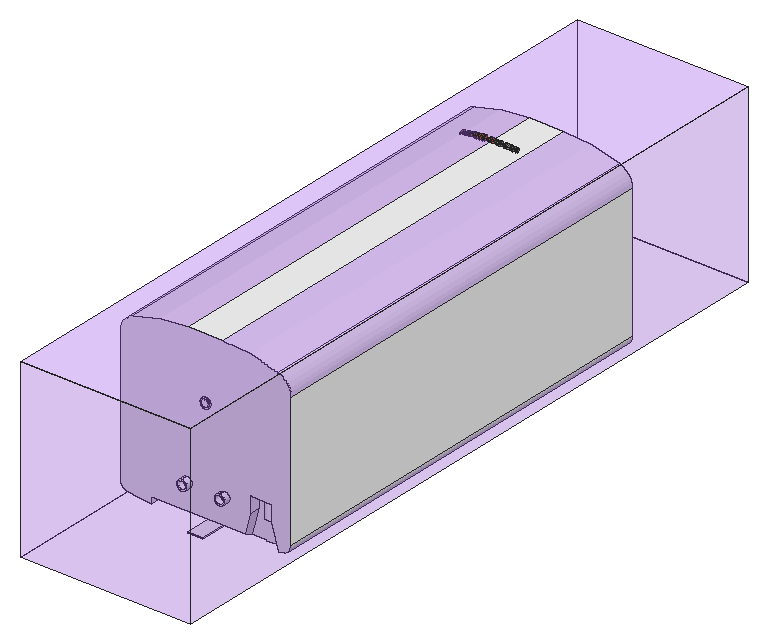
Revit family "Heatrae Sadia Multipoint Eco 80L & 100L V 3kW", category Mechanical Equipment, host Face, Revit 2017
Family settings
  Host = Face
  Round Connector Dimension = Use Diameter
  Part Type = Normal
  OmniClass Number = 23.65.35.11.11
  OmniClass Title = Storage Water Heaters
  Cut with Voids When Loaded = No
  Shared = No
  Room Calculation Point = No
Parameters (values of type "Multipoint Eco 100L V 3kW")
  Weight = "30"
  WaterStorageCapacity = "100 L"
  WaterInletTemperatureRange = "n/a"
  WarrantyStartDate [instance] = "1900-12-31T23:59:59"
  WarrantyGuarantorParts = "customer.support@heatraesadia.com"
  WarrantyGuarantorLabor = "n/a"
  WarrantyDurationUnit = "year"
  WarrantyDurationParts = "2"
  WarrantyDurationLabor = "n/a"
  WarrantyDescription = "n/a"
  Version = "2"  # constant formula
  Uniclass2015Version = "Products v1.7"
  Uniclass2015Title = "Electric storage water heaters"
  Uniclass2015Code = "Pr_60_60_96_28"
  ThirdPartyCertification = "NEMKO, Kiwa, CE"
  TagNumber [instance] = "n/a"
  SustainabilityPerformance = "n/a"
  Standards = "EN55014-1:2017, EN55014-2:2015, EN60335-1:2012;A11:2014;A13:2017, EN60335-2-21:2003+A1:2005+A2:2008, EN61000-3-2:2014 & EN61000-3-3:2013, EN62233:2008, EN50440, EN60379"
  Size = "453 x 454 x 1134 mm"
  Shape = "n/a"
  SerialNumber [instance] = "n/a"
  Revision = "n/a"
  ReplacementCost = "n/a"
  Rating = "3 kW"
  RHSClearanceZone = 0 mm
  ProductInformation = "https://www.heatraesadia.com/products/cylinders-and-hot-water/electric-unvented-storage/multipoint"
  PressureRating = "600 kPa"
  PartialLoadEfficiencyCurves = "n/a"
  OutletTemperatureRange = "10°C to 70°C"
  OperatingMode = "n/a"
  NominalWidth = 453 mm
  NominalPartLoadRatio = 0 mm
  NominalLength = 466 mm
  NominalHeight = 1253 mm
  NominalEnergyConsumption = 6.2 mm
  NominalEfficiency = 38
  Name = "StorageWaterHeaters, Multipoint Eco 100L V 3kW"
  NBSTypeID = "n/a"
  NBSReference = "n/a"
  NBSOfficeMasterTag = "n/a"
  NBSNote = "n/a"
  NBSDescription = "Storage water heaters, electric"
  NBSCertification = "www.nationalbimlibrary.com/cert/zja530o3"
  ModelReference = "Multipoint Eco 100L V 3kW"
  ModelNumber = "n/a"
  ManufacturerURL = "www.heatraesadia.com"
  ManufacturerName = "Heatrae Sadia Heating"  # constant formula
  Manufacturer = "specifier@heatraesadia.com"
  Length = NominalLength - 12 mm  # 454 mm
  TemperatureAndPressureReliefValveConnectionDiameter = 15 mm  # constant formula
  SupportPosition = 94 mm
  WaterConnectionPosition = 83 mm
  PressureReliefValvePosition2 = 185.5 mm
  PressureReliefValvePosition1 = 178.5 mm
  OffsetFromWall = 12 mm  # constant formula
  Material = NBS_Concept
  LHSClearanceZone = 0 mm
  IsWaterStorageHeater = yes
  InstallationDate [instance] = "1900-12-31T23:59:59"
  IfcExportType = "USERDEFINED"  # constant formula
  IfcExportAs = "IfcBoilerType"  # constant formula
  Height = NominalHeight - 119 mm  # 1134 mm
  HotWaterOutletDiameter = 22 mm  # constant formula
  Width = NominalWidth  # 453 mm
  HeatTransferSurfaceArea = "n/a"
  HeatOutput = 0
  HasTemperatureAndPressureReliefValve = yes
  HasSwitch = yes
  Grade = "n/a"
  FrontClearanceZone = 0 mm
  FlowRate = "20 l/min (minimum)"
  Finish = "n/a"
  Features = "n/a"
  ExpectedLife = "n/a"
  DurationUnit = "year"
  Description = "n/a"
  Default Elevation = 1200 mm
  Controls = "Smart Thermostatic Control"
  Constituents = "n/a"
  Color = "n/a"
  ColdWaterInletDiameter = 22 mm  # constant formula
  CodePerformance = "n/a"
  ClearanceZoneMaterial = NBS_ClearanceZone
  ClearanceZone [instance] = yes
  Category = "Pr_60_60_96_28:Electric storage water heaters"
  CasingFinish = "White Enameled Steel"
  Capacity = "100 L"
  BelowClearanceZone = 300 mm
  BarCode [instance] = "n/a"
  BIMObjectName = "Heatrae Sadia Multipoint Eco 100V"
  Author = "NBS"  # constant formula
  AssetType = "Fixed"
  AssetIdentifier [instance] = "n/a"
  Arrangement = "n/a"
  Accessories = "n/a"
  AccessibilityPerformance = "n/a"
  AboveClearanceZone = 300 mm
Types (3, lengths in mm): name | Weight | WaterStorageCapacity | Size | RHSClearanceZone | NominalWidth | NominalLength | NominalHeight | NominalEnergyConsumption | NominalEfficiency | Name | ModelReference | Length | LHSClearanceZone | Height | Width | FrontClearanceZone | CasingFinish | Capacity | BIMObjectName
  (no name) | "30" | "100 L" | "453 x 454 x 1134 mm" | 0 | 453 | 466 | 1253 | 6.2 | 38 | "StorageWaterHeaters, Multipoint Eco 100L V 3kW" | "Multipoint Eco 100L V 3kW" | 454 | 0 | 1134 | 453 | 0 | "White Enameled Steel" | "100 L" | "Heatrae Sadia Multipoint Eco 100V"
  Multipoint Eco 80L V 3kW | "26" | "80 L" | "453 x 454 x 966 mm" | 300 | 454 | 465 | 1085 | 6.4 | 39.9 | "StorageWaterHeaters,Multipoint Eco 80L V 3kW" | "Multipoint Eco 80L V 3kW" | 453 | 300 | 966 | 454 | 300 | "n/a" | "80 L" | "Heatrae Sadia Multipoint Eco 80V"
  Multipoint Eco 100L V 3kW | "30" | "100 L" | "453 x 454 x 1134 mm" | 0 | 453 | 466 | 1253 | 6.2 | 38 | "StorageWaterHeaters, Multipoint Eco 100L V 3kW" | "Multipoint Eco 100L V 3kW" | 454 | 0 | 1134 | 453 | 0 | "White Enameled Steel" | "100 L" | "Heatrae Sadia Multipoint Eco 100V"
Reference planes
  plane 1 "Center (Front/Back)": y = 0
  plane 2: z = 0
  plane 3 "Center (Left/Right)": x = 0
  plane 4: z = 12.011
  plane 5: z = 466.011
  plane 6: x = -226.5
  plane 7: x = 226.5
  plane 8: y = 567
  plane 9: y = -567
  plane 10: x = -143.5
  plane 11: x = 143.5
  plane 12: x = 148.5
  plane 13: z = 380.011
  plane 14: z = 302.011
  plane 15: z = 95.011
  plane 16: x = -50
  plane 17: x = 50
  plane 18: z = 122.011
  plane 19: z = 80.011
  plane 20: z = 190.511
  plane 21 "Connection": x = -41
  plane 22: y = -542
  plane 23: y = -583
  plane 24: y = 653
  plane 25: z = 169.511
  plane 26: z = 154.511
  plane 27: y = -600
  plane 28 "Above Clearance": y = 953
  plane 29 "LHS Clearance": x = -226.5
  plane 30 "RHS Clearance": x = 226.5
  plane 31 "Below Clearance": y = -900
  plane 32 "Front Clearance": z = 466.011
Forms (mm)
  Extrusion 1, solid, material "NBS_Concept" <- "Material", detail levels fine
    sketch origin (0, 0, 0) x (0, 1, 0) y (0, 0, 1)
      loop
        line (-509, 0) -> (-498.989, 10.011) -> (-414, 10.011) -> (-414, 12.011) -> (-499.818, 12.011) -> (-509.828, 1.989) -> (-600, 1.989) -> (-600, 0) -> (-509, 0)
    from -20 to 20
  Extrusion 2, solid, material "NBS_Concept" <- "Material", detail levels coarse
    sketch origin (492.727, 99.5, 0) x (0, 0, 1) y (-1, 0, 0)
      loop
        line (0, 266.227) -> (428.224, 266.227)
        arc (428.224, 266.227) -> (456.463, 354.52) -> (466.011, 446.727) r 450
        line (466.011, 446.727) -> (466.011, 538.727)
        arc (466.011, 538.727) -> (456.463, 630.933) -> (428.224, 719.227) r 450
        line (428.224, 719.227) -> (0, 719.227) -> (0, 266.227)
    from -467.5 to 666.5
  Extrusion 3, solid, material "NBS_Concept" <- "Material", detail levels medium+fine
    sketch origin (1074.281, 99.5, -512.483) x (0, 0, 1) y (-1, 0, 0)
      loop
        line (524.493, 1217.781) -> (524.493, 930.781)
        arc (524.493, 930.781) -> (526.226, 897.807) -> (531.405, 865.196) r 314.643
        arc (531.405, 865.196) -> (539.081, 852.68) -> (552.921, 847.781) r 22
        line (552.921, 847.781) -> (906.607, 847.781)
        arc (906.607, 847.781) -> (935.627, 857.065) -> (953.871, 881.469) r 50
        arc (953.871, 881.469) -> (972.295, 953.85) -> (978.493, 1028.281) r 450
        line (978.493, 1028.281) -> (978.493, 1120.281)
        arc (978.493, 1120.281) -> (972.295, 1194.713) -> (953.871, 1267.094) r 450
        arc (953.871, 1267.094) -> (935.627, 1291.498) -> (906.607, 1300.781) r 50
        line (906.607, 1300.781) -> (552.921, 1300.781)
        arc (552.921, 1300.781) -> (539.081, 1295.882) -> (531.405, 1283.367) r 22
        arc (531.405, 1283.367) -> (526.226, 1250.756) -> (524.493, 1217.781) r 314.643
    from -467.5 to 666.5
  Extrusion 4, void
    sketch origin (0, 99.5, 0) x (0, 0, 1) y (-1, 0, 0)
      loop
        line (122.011, -120) -> (80.011, -120) -> (12.011, -101.779) -> (12.011, -195.221) -> (80.011, -177) -> (122.011, -177) -> (122.011, -120)
    from 641.5 to 666.5
  Extrusion 5, solid, material "NBS_Concept" <- "Material", detail levels fine
    sketch origin (526.478, 99.5, -134.486) x (0, 0, 1) y (-1, 0, 0)
      loop
        circle (436.497, 526.478) r 13
      loop
        circle (436.497, 526.478) r 11
      loop
        circle (436.497, 526.478) r 9
    from 666.5 to 668.5
  Extrusion 6, solid, material "NBS_Concept" <- "Material", detail levels fine
    sketch origin (256.996, 99.5, -154.81) x (0, 0, 1) y (-1, 0, 0)
      loop
        circle (249.82, 306.996) r 13.5
      loop
        circle (249.82, 206.996) r 13.5
      loop
        circle (249.82, 306.996) r 11
      loop
        circle (249.82, 206.996) r 11
    from 666.5 to 682.5
  Extrusion 7, void
    sketch origin (0, 0, 0) x (0, 1, 0) y (0, 0, 1)
      loop
        line (567, 0) -> (567, 27.011) -> (538, 12.011) -> (512, 12.011) -> (512, 14.011) -> (-512, 14.011) -> (-512, 12.011) -> (-538, 12.011) -> (-567, 27.011) -> (-567, 0) -> (567, 0)
    from -143.5 to 143.5
  Extrusion 8, solid, material "NBS_Concept" <- "Material", detail levels medium+fine
    sketch origin (0, 0, 0) x (1, 0, 0) y (0, 1, 0)
      loop
        circle (162.5, -554.5) r 12.5
    from 80.011 to 122.011
  Extrusion 9, solid, material "NBS_Concept" <- "Material", detail levels medium
    sketch origin (0, 99.5, 0) x (0, 0, 1) y (-1, 0, 0)
      loop
        circle (95.011, 50) r 13.5
      loop
        circle (95.011, -50) r 13.5
    from 666.5 to 682.5
  Revolve 10, solid, material "NBS_Concept" <- "Material", visible <- "HasTemperatureAndPressureReliefValve", detail levels fine
    sketch origin (-41, 0, 0) x (0, 0, 1) y (0, -1, 0)
      loop
        line (190.511, -567) -> (190.511, -653) -> (204.011, -653) -> (204.011, -630) -> (205.261, -630) -> (205.261, -621) -> (206.511, -621) -> (206.511, -609) -> (204.511, -609) -> (204.511, -580) -> (203.511, -580) -> (203.511, -567) -> (190.511, -567)
      axis (190.511, -567) -> (190.511, -653)
    angle from 0 to 360
  Revolve 11, solid, material "NBS_Concept" <- "Material", visible <- "HasTemperatureAndPressureReliefValve", detail levels medium
    sketch origin (-41, 0, 0) x (0, 0, 1) y (0, -1, 0)
      loop
        line (190.511, -567) -> (190.511, -653) -> (204.011, -653) -> (204.011, -630) -> (206.511, -630) -> (206.511, -609) -> (204.511, -609) -> (204.511, -567) -> (190.511, -567)
      axis (190.511, -567) -> (190.511, -653)
    angle from 0 to 360
  Revolve 12, solid, material "NBS_Concept" <- "Material", visible <- "HasTemperatureAndPressureReliefValve", detail levels coarse
    sketch origin (-41, 0, 70) x (0, 0, 1) y (0, -1, 0)
      loop
        line (120.511, -567) -> (120.511, -653) -> (136.511, -653) -> (136.511, -609) -> (134.511, -609) -> (134.511, -567) -> (120.511, -567)
      axis (120.511, -567) -> (120.511, -653)
    angle from 0 to 360
  Extrusion 13, solid, material "NBS_Concept" <- "Material", visible <- "HasTemperatureAndPressureReliefValve", detail levels medium+fine
    sketch origin (0, 0, 0) x (1, 0, 0) y (0, 1, 0)
      loop
        circle (-41, 603) r 10.5
    from 169.511 to 190.511
  Extrusion 14, solid, material "NBS_Concept" <- "Material", visible <- "HasTemperatureAndPressureReliefValve", detail levels fine
    sketch origin (0, 0, 0) x (1, 0, 0) y (0, 1, 0)
      loop
        line (-28.876, 610) -> (-41, 617) -> (-53.124, 610) -> (-53.124, 596) -> (-41, 589) -> (-28.876, 596) -> (-28.876, 610)
      loop
        circle (-41, 603) r 7.5
    from 154.511 to 169.511
  Extrusion 15, solid, material "NBS_Concept" <- "Material", visible <- "HasTemperatureAndPressureReliefValve", detail levels medium
    sketch origin (0, 0, 0) x (1, 0, 0) y (0, 1, 0)
      loop
        line (-53.124, 596) -> (-41, 589) -> (-28.876, 596) -> (-28.876, 610) -> (-41, 617) -> (-53.124, 610) -> (-53.124, 596)
    from 154.511 to 169.511
  Extrusion 16, solid, material "NBS_Concept" <- "Material", detail levels fine
    sketch origin (0, 99.5, -86) x (0, 0, 1) y (-1, 0, 0)
      loop
        line (86, 45) -> (86, -45) -> (95, -54) -> (95, -91.515) -> (86, -100.515) -> (86, -185.515) -> (89, -185.515) -> (89, -101.757) -> (98, -92.757) -> (98, -52.757) -> (89, -43.757) -> (89, 43.757) -> (98, 52.757) -> (98, 92.757) -> (89, 101.757) -> (89, 185.515) -> (86, 185.515) -> (86, 100.515) -> (95, 91.515) -> (95, 54) -> (86, 45)
    from -373.5 to -341.5
  Extrusion 17, solid, material "NBS_Concept" <- "Material", detail levels medium
    sketch origin (0, 0, 0) x (1, 0, 0) y (0, 1, 0)
      loop
        line (-185.515, 473) -> (-185.515, 441) -> (185.515, 441) -> (185.515, 473) -> (-185.515, 473)
      loop
        line (-20, -414) -> (-20, -600) -> (20, -600) -> (20, -414) -> (-20, -414)
    from 0 to 12.011
  Extrusion 18, solid, material "NBS_ClearanceZone" <- "ClearanceZoneMaterial", visible <- "ClearanceZone"
    sketch origin (0, 0, 0) x (1, 0, 0) y (0, 1, 0)
      loop
        line (-226.5, 953) -> (-226.5, -900) -> (226.5, -900) -> (226.5, 953) -> (-226.5, 953)
    from 0 to 466.011
Cuts and joins
  Extrusion 4, Extrusion 7 cuts Extrusion 3
Lines and regions (mm)
  symbolic lines, style "Zones", visible <- "ClearanceZone"
    curve 1: line (-226.5, 953, 0) -> (226.5, 953, 0)
    curve 2: line (-226.5, -900, 0) -> (-226.5, 953, 0)
    curve 3: line (226.5, -900, 0) -> (-226.5, -900, 0)
    curve 4: line (226.5, 953, 0) -> (226.5, -900, 0)
    curve 5: line (-226.5, 99.5, 466.011) -> (226.5, 99.5, 466.011)
    curve 6: line (-226.5, 99.5, 0) -> (-226.5, 99.5, 466.011)
    curve 7: line (226.5, 99.5, 0) -> (-226.5, 99.5, 0)
    curve 8: line (226.5, 99.5, 466.011) -> (226.5, 99.5, 0)
    curve 9: line (-41, 953, 466.011) -> (-41, -900, 466.011)
    curve 10: line (-41, 953, 0) -> (-41, 953, 466.011)
    curve 11: line (-41, -900, 0) -> (-41, 953, 0)
    curve 12: line (-41, -900, 466.011) -> (-41, -900, 0)
Dimensions and locks
  equal spacing: plane 7, plane 3 "Center (Left/Right)", plane 6
  "Width": plane 7 to plane 6
  "Length": plane 5 to plane 4
  locked: Extrusion 3 sketch curve to plane 6 at 180.5  (x2)
  locked: Extrusion 3 sketch curve to plane 7 at 180.5  (x2)
  Extrusion 3 sketch curve to Extrusion 3 sketch curve to plane 4 = 286.215 mm locked, 28.428 mm locked  (x2)
  Extrusion 3 sketch curve to Extrusion 3 sketch curve to plane 6 = 33 mm locked, 50 mm locked
  Extrusion 3 sketch curve to Extrusion 3 sketch curve to plane 7 = 33 mm locked, 50 mm locked
  locked: plane 5 to Extrusion 3 sketch curve at 450  (x2)
  locked: plane 5 to Extrusion 3 sketch curve at 71.887  (x4)
  equal spacing: plane 9, plane 1 "Center (Front/Back)", plane 8
  "Height": plane 9 to plane 8
  locked: plane 10 to plane 6 at 83
  locked: plane 11 to plane 7 at 83
  locked: plane 4 to Extrusion 7 sketch curve at 15  (x2)
  locked: plane 4 to Extrusion 7 sketch curve at 2
  Extrusion 7 sketch curve to Extrusion 7 sketch curve to plane 9 = 26 mm locked, 29 mm locked
  plane 8 to Extrusion 7 sketch curve to Extrusion 7 sketch curve = 29 mm locked, 26 mm locked
  Extrusion 4 sketch curve to Extrusion 4 sketch curve to plane 12 to Extrusion 4 sketch curve to Extrusion 4 sketch curve = 18.221 mm locked, 28.5 mm locked, 28.5 mm locked, 18.221 mm locked
  locked: Extrusion 2 sketch curve to plane 6 at 180.5  (x2)
  locked: Extrusion 2 sketch curve to plane 7 at 180.5  (x2)
  locked: plane 5 to Extrusion 2 sketch curve at 37.787  (x2)
  locked: plane 5 to Extrusion 2 sketch curve at 450  (x2)
  plane 5 to plane 13 to plane 14 = 86 mm locked, 78 mm locked
  plane 17 to plane 3 "Center (Left/Right)" to plane 16 = 50 mm locked, 50 mm locked
  "WaterConnectionPosition": plane 15 to plane 4
  locked: plane 7 to plane 12 at 78
  plane 18 to plane 19 to plane 4 = 42 mm locked, 68 mm locked
  "PressureReliefValvePosition1": plane 20 to plane 4
  "PressureReliefValvePosition2": plane 21 "Connection" to plane 6
  locked: plane 22 to plane 9 at 25
  locked: plane 9 to Extrusion 5 at 2
  locked: plane 9 to plane 23 at 16
  Extrusion 1 sketch curve to Extrusion 1 sketch curve to Extrusion 1 sketch curve to Extrusion 1 sketch curve to Extrusion 1 sketch curve to plane 9 to Extrusion 1 sketch curve = 84.989 mm locked, 0.828 mm locked, 9.182 mm locked, 0.828 mm locked, 57.172 mm locked, 33 mm locked
  equal spacing: plane 9, Extrusion 8 sketch curve, plane 22
  locked: Extrusion 8 sketch curve to plane 7 at 64
  locked: plane 24 to plane 8 at 86
  locked: Extrusion 13 sketch curve to plane 8 at 36
  Extrusion 14 sketch curve to Extrusion 14 sketch curve to Extrusion 14 sketch curve to Extrusion 14 sketch curve to Extrusion 14 sketch curve to Extrusion 14 sketch curve to plane 8 = 7 mm locked, 0 mm locked, 14 mm locked, 0 mm locked, 7 mm locked, 22 mm locked
  Extrusion 14 sketch curve to plane 21 "Connection" to Extrusion 14 sketch curve = 12.124 mm locked, 12.124 mm locked
  locked: Extrusion 14 sketch curve to plane 8 at 36
  plane 20 to plane 25 to plane 26 = 21 mm locked, 15 mm locked
  Extrusion 15 sketch curve to plane 21 "Connection" to Extrusion 15 sketch curve = 12.124 mm locked, 12.124 mm locked
  Extrusion 15 sketch curve to Extrusion 15 sketch curve to Extrusion 15 sketch curve to Extrusion 15 sketch curve to Extrusion 15 sketch curve to Extrusion 15 sketch curve to plane 8 = 7 mm locked, 0 mm locked, 14 mm locked, 0 mm locked, 7 mm locked, 22 mm locked
  locked: Extrusion 16 to Extrusion 16 at 32
  "SupportPosition": plane 8 to Extrusion 16
  Extrusion 3 sketch curve to Extrusion 3 sketch curve to plane 6 = 61 mm locked, 22 mm locked
  Extrusion 3 sketch curve to Extrusion 3 sketch curve to plane 7 = 61 mm locked, 22 mm locked
  Extrusion 3 sketch curve to Extrusion 3 sketch curve to plane 4 = 21.517 mm locked, 6.911 mm locked
  equal spacing: Extrusion 3 sketch curve, Extrusion 3 sketch curve, plane 4
  Extrusion 16 sketch curve to Extrusion 16 sketch curve to plane 2 = 3 mm locked, 9 mm locked  (x2)
  locked: Extrusion 17 sketch curve to Extrusion 17 sketch curve at 32
  "SupportPosition": plane 8 to Extrusion 17 sketch curve
  Extrusion 17 sketch curve to plane 9 to Extrusion 17 sketch curve = 33 mm locked, 153 mm locked
  Extrusion 1 to plane 3 "Center (Left/Right)" to Extrusion 1 = 20 mm locked, 20 mm locked
  "AboveClearanceZone": plane 24 to plane 28 "Above Clearance"
  "LHSClearanceZone": plane 29 "LHS Clearance" to plane 6
  "RHSClearanceZone": plane 7 to plane 30 "RHS Clearance"
  "BelowClearanceZone": plane 31 "Below Clearance" to plane 27
  "FrontClearanceZone": plane 32 "Front Clearance" to plane 5
  locked: plane 27 to plane 9 at 33
  Extrusion 16 sketch curve to Extrusion 16 sketch curve to Extrusion 16 sketch curve to Extrusion 16 sketch curve to Extrusion 16 sketch curve to Extrusion 16 sketch curve to Extrusion 16 sketch curve to Extrusion 16 sketch curve to Extrusion 16 sketch curve to plane 3 "Center (Left/Right)" to Extrusion 16 sketch curve to Extrusion 16 sketch curve to Extrusion 16 sketch curve to Extrusion 16 sketch curve to Extrusion 16 sketch curve to Extrusion 16 sketch curve to Extrusion 16 sketch curve to Extrusion 16 sketch curve to Extrusion 16 sketch curve = 83.757 mm locked, 1.243 mm locked, 7.757 mm locked, 1.243 mm locked, 37.515 mm locked, 1.243 mm locked, 7.757 mm locked, 1.243 mm locked, 43.757 mm locked, 43.757 mm locked, 1.243 mm locked, 7.757 mm locked, 1.243 mm locked, 37.515 mm locked, 1.243 mm locked, 7.757 mm locked, 1.243 mm locked, 83.757 mm locked
  Extrusion 17 sketch curve to plane 3 "Center (Left/Right)" to Extrusion 17 sketch curve = 185.515 mm locked, 185.515 mm locked
  radius of Extrusion 3 sketch curve = 314.643 mm  (x2)
  radius of Extrusion 3 sketch curve = 22 mm  (x2)
  radius of Extrusion 3 sketch curve = 50 mm  (x2)
  radius of Extrusion 3 sketch curve = 450 mm  (x2)
  radius of Extrusion 2 sketch curve = 450 mm  (x2)
  aligned and locked: plane 2 to host face
  aligned and locked: level to host face
  aligned and locked: plane 8 to Extrusion 2
  aligned and locked: plane 9 to Extrusion 2
  aligned and locked: plane 8 to Extrusion 3
  aligned and locked: plane 9 to Extrusion 3
  aligned and locked: Extrusion 7 sketch curve to plane 2
  aligned and locked: Extrusion 7 sketch curve to plane 8
  aligned and locked: plane 9 to Extrusion 7 sketch curve
  aligned and locked: plane 4 to Extrusion 4 sketch curve
  aligned and locked: plane 6 to Extrusion 2 sketch curve
  aligned and locked: plane 2 to Extrusion 2 sketch curve
  aligned and locked: plane 14 to Extrusion 5 sketch curve  (x3)
  aligned and locked: plane 3 "Center (Left/Right)" to Extrusion 5 sketch curve  (x3)
  aligned and locked: plane 15 to Extrusion 6 sketch curve  (x4)
  aligned and locked: plane 16 to Extrusion 6 sketch curve  (x2)
  aligned and locked: plane 17 to Extrusion 6 sketch curve  (x2)
  aligned and locked: Extrusion 4 sketch curve to plane 18
  aligned and locked: plane 19 to Extrusion 4 sketch curve  (x2)
  aligned and locked: Extrusion 6 to plane 9
  aligned and locked: Extrusion 5 to plane 9
  aligned and locked: plane 23 to Extrusion 6
  aligned and locked: plane 18 to Extrusion 8
  aligned and locked: plane 15 to Extrusion 9 sketch curve  (x2)
  aligned and locked: plane 16 to Extrusion 9 sketch curve
  aligned and locked: plane 17 to Extrusion 9 sketch curve
  aligned and locked: Extrusion 9 to plane 9
  aligned and locked: plane 23 to Extrusion 9
  aligned and locked: Revolve 10 sketch curve to plane 20
  aligned and locked: plane 24 to Revolve 10 sketch curve
  aligned and locked: plane 8 to Revolve 10 sketch curve
  aligned and locked: plane 24 to Revolve 11 sketch curve
  aligned and locked: Revolve 11 sketch curve to plane 20  (x2)
  aligned and locked: Revolve 12 sketch curve to plane 20  (x2)
  aligned and locked: plane 24 to Revolve 12 sketch curve
  aligned and locked: plane 8 to Revolve 12 sketch curve
  aligned and locked: plane 21 "Connection" to Extrusion 13 sketch curve
  aligned and locked: plane 21 "Connection" to Extrusion 14 sketch curve  (x3)
  aligned and locked: Extrusion 13 to plane 20
  aligned and locked: Extrusion 13 to plane 25
  aligned and locked: plane 25 to Extrusion 14
  aligned and locked: Extrusion 14 to plane 26
  aligned and locked: plane 21 "Connection" to Extrusion 15 sketch curve  (x2)
  aligned and locked: Extrusion 15 to plane 26
  aligned and locked: plane 25 to Extrusion 15
  aligned and locked: plane 22 to Extrusion 4
  aligned and locked: plane 9 to Extrusion 4
  aligned and locked: Extrusion 7 to plane 10
  aligned and locked: Extrusion 7 to plane 11
  aligned and locked: plane 2 to Extrusion 16 sketch curve
  aligned and locked: Extrusion 16 sketch curve to plane 2  (x2)
  aligned and locked: Extrusion 17 to plane 2
  aligned and locked: Extrusion 17 to plane 4
  aligned and locked: Extrusion 18 sketch curve to plane 28 "Above Clearance"
  aligned and locked: Extrusion 18 sketch curve to plane 30 "RHS Clearance"
  aligned and locked: Extrusion 18 sketch curve to plane 29 "LHS Clearance"
  aligned and locked: plane 31 "Below Clearance" to Extrusion 18 sketch curve
  aligned and locked: Extrusion 18 to plane 2
  aligned and locked: plane 32 "Front Clearance" to Extrusion 18
  aligned and locked: curve 1 to plane 28 "Above Clearance"
  aligned and locked: plane 31 "Below Clearance" to curve 3
  aligned and locked: curve 4 to plane 30 "RHS Clearance"
  aligned and locked: curve 2 to plane 29 "LHS Clearance"
  aligned and locked: plane 29 "LHS Clearance" to curve 6
  aligned and locked: curve 8 to plane 30 "RHS Clearance"
  aligned and locked: curve 5 to plane 32 "Front Clearance"
  aligned and locked: plane 2 to curve 7
  aligned and locked: curve 9 to plane 32 "Front Clearance"
  aligned and locked: curve 10 to plane 28 "Above Clearance"
  aligned and locked: plane 2 to curve 11
  aligned and locked: plane 31 "Below Clearance" to curve 12
  aligned and locked: Extrusion 8 to plane 19
Automatic sketch dimensions
  host sketch curve to host sketch curve = 500 mm
  host sketch curve to host sketch curve = 1000 mm
  Extrusion 1 sketch curve to level = 0 mm
  plane 4 to Extrusion 1 sketch curve = 0 mm
  level to Extrusion 1 sketch curve = 1.989 mm
  plane 4 to Extrusion 1 sketch curve = 2 mm
  plane 4 to Extrusion 7 sketch curve = 0 mm  (x2)
  plane 20 to Revolve 10 sketch curve = 0 mm
  Revolve 10 sketch curve to plane 20 = 13 mm
  Revolve 10 sketch curve to plane 20 = 13.5 mm
  Revolve 10 sketch curve to Revolve 10 sketch curve = 1 mm
  Revolve 10 sketch curve to Revolve 10 sketch curve = 1.25 mm  (x2)
  Revolve 10 sketch curve to Revolve 10 sketch curve = 23 mm
  Revolve 10 sketch curve to Revolve 10 sketch curve = 9 mm
  Revolve 10 sketch curve to Revolve 10 sketch curve = 12 mm
  Revolve 10 sketch curve to Revolve 10 sketch curve = 13 mm
  Revolve 10 sketch curve to plane 24 = 129 mm
  Revolve 10 sketch curve to plane 8 = 40 mm
  Revolve 11 sketch curve to plane 8 = 0 mm
  Revolve 11 sketch curve to plane 20 = 13.5 mm
  Revolve 11 sketch curve to plane 20 = 14 mm
  Revolve 11 sketch curve to Revolve 11 sketch curve = 2.5 mm
  plane 24 to Revolve 11 sketch curve = 23 mm
  Revolve 11 sketch curve to Revolve 11 sketch curve = 21 mm
  Revolve 11 sketch curve to plane 24 = 129 mm
  Revolve 11 sketch curve to plane 8 = 40 mm
  Revolve 12 sketch curve to plane 20 = 14 mm
  Revolve 12 sketch curve to Revolve 12 sketch curve = 2 mm
  plane 8 to Revolve 12 sketch curve = 42 mm
  Revolve 12 sketch curve to plane 24 = 129 mm
  Revolve 12 sketch curve to plane 8 = 40 mm
  Extrusion 16 sketch curve to Extrusion 16 sketch curve = 3 mm  (x3)
  Extrusion 17 sketch curve to plane 3 "Center (Left/Right)" = 20 mm
  plane 3 "Center (Left/Right)" to Extrusion 17 sketch curve = 20 mm
  radius of Extrusion 5 sketch curve = 13 mm
  radius of Extrusion 5 sketch curve = 11 mm
  radius of Extrusion 5 sketch curve = 9 mm
  radius of Extrusion 6 sketch curve = 13.5 mm  (x2)
  radius of Extrusion 6 sketch curve = 11 mm  (x2)
  radius of Extrusion 8 sketch curve = 12.5 mm
  radius of Extrusion 9 sketch curve = 13.5 mm  (x2)
  radius of Extrusion 13 sketch curve = 10.5 mm
  radius of Extrusion 14 sketch curve = 7.5 mm
Nested families
  nested 1: "Heatrae Sadia Logo without Premier Plus" at (-37.265, 452.5, 413.236), type "Heatrae Sadia Logo without Premier Plus"
Connectors
  piping at (50, -583, 95.011), diameter 22, driven by "ColdWaterInletDiameter"
    settings: on Extrusion 6, index 1, connector inside diameter 609.6 mm, connector length 0 mm, flow factor 0, pipe flow 0.0 L/s, pressure drop 0.0 Pa, fitting loss kfactor 0, connector angle 0.00°, fixture units 0, engagement length 0 mm, angle of deflection 0.00°, flow configuration 0, flow direction 1, fitting loss method 0, system type 20, joint type 0, gender type 0, connector reference index -1, connector utility 0, adjustable connector no, is connector primary yes, connector description "Cold Water Inlet"
  piping at (-50, -583, 95.011), diameter 22, driven by "HotWaterOutletDiameter"
    settings: on Extrusion 6, index 2, connector inside diameter 609.6 mm, connector length 0 mm, flow factor 0, pipe flow 0.0 L/s, pressure drop 0.0 Pa, fitting loss kfactor 0, connector angle 0.00°, fixture units 0, engagement length 0 mm, angle of deflection 0.00°, flow configuration 0, flow direction 2, fitting loss method 0, system type 19, joint type 0, gender type 0, connector reference index -1, connector utility 0, adjustable connector no, is connector primary no, connector description "Hot Water Outlet"
  piping at (-41, 603, 154.511), diameter 15, driven by "TemperatureAndPressureReliefValveConnectionDiameter"
    settings: on Extrusion 14, index 3, connector inside diameter 609.6 mm, connector length 0 mm, flow factor 0, pipe flow 0.0 L/s, pressure drop 0.0 Pa, fitting loss kfactor 0, connector angle 0.00°, fixture units 0, engagement length 0 mm, angle of deflection 0.00°, flow configuration 0, flow direction 0, fitting loss method 0, system type 17, joint type 0, gender type 0, connector reference index -1, connector utility 0, adjustable connector no, is connector primary no, connector description "Pressure Relief Valve Connection"
  electrical at (162.5, -554.5, 80.011)
    settings: on Extrusion 8, index 4, voltage 0 V, apparent load 0 VA, apparent load phase1 0 VA, apparent load phase2 0 VA, apparent load phase3 0 VA, power factor 1, load classification "Other", number of poles 1, system type 30, power factor state 1, is connector primary yes, connector utility no, sub classification motor no, connector description ""
Definition of nested family "Heatrae Sadia Logo without Premier Plus"
  Parameters (values of type "Heatrae Sadia Logo without Premier Plus")
    _DistributedBy = "https://www.bimstore.co.uk/"
    _CurrentRevision = 0
    _CreatedBy = "http://www.potterton.co.uk/"
    _BimstoreBibleVersion = ""
    _BimSpecGuid = 0
    _Author = "Trevour Carty"  # constant formula
    WarrantyStartDate = "please record on commissioning"
    WarrantyGuarantorParts = "+44 344 871 1545"  # constant formula
    WarrantyGuarantorLabor = ""
    WarrantyDurationUnit = "years"  # constant formula
    WarrantyDurationParts = "2"  # constant formula
    WarrantyDurationLabor = ""
    WarrantyDescription = "2 Years UK only Labour and parts warranty. Warranty applies to boiler only and integral controls."
    URL = "http://www.potterton.co.uk/"
    TypeName = ""
    Type Comments = ""
    TagNumber = ""
    SpareParts = ""
    Size = ""
    Shape = ""
    SerialNumber = ""
    ReplacementCost = ""
    ReferencedStandard = "ISO 9001"  # constant formula
    ProductionYear = ""
    NominalLength = 0 mm
    NominalHeight = 0 mm
    NominalDepth = 0 mm
    NBSReference = "90-40-05/340"  # constant formula
    NBSOfficeMasterTag = ""
    NBSObjectName = ""
    NBSNote = ""
    NBSDescription = "Gas Fired Condensing Boiler"  # constant formula
    ModelReference = ""
    ModelNumber = ""
    Material = ""
    ManufacturerName = "Potterton"  # constant formula
    Manufacturer = "Potterton"  # constant formula
    Keynote = "T32"
    InstallationDate = "please record on commissioning"
    IfcExportType = ""
    IfcExportAs = ""
    Grade = ""
    Finish = ""
    Features = ""
    Extidentifier = ""
    ExpectedLife = 0
    DurationUnit = "Years"  # constant formula
    DocumentationTechnical = "http://www.potterton.co.uk/products/gas-boilers/promax-ultra.htm"
    DocumentationMaintenance = "http://www.potterton.co.uk/products/gas-boilers/promax-ultra.htm"
    DocumentationLiterature = "http://www.potterton.co.uk/products/gas-boilers/promax-ultra.htm"
    DocumentationInstallationGuide = "http://www.potterton.co.uk/products/gas-boilers/promax-ultra.htm"
    DocumentationCertificates = "http://www.potterton.co.uk/products/gas-boilers/promax-ultra.htm"
    CreatedOn = ""
    CreatedBy = "http://www.potterton.co.uk/"
    Constituents = ""
    Color = ""
    CodePerformance = ""
    ClassificationValue = "Pr_60_60_08_34"  # constant formula
    ClassificationName = "Uniclass2015"  # constant formula
    BarCode = ""
    BIMObjectName = ""
    AssetType = "Fixed"  # constant formula
    AssetIdentifier = ""
    Assembly Code = "D3020100"
    AccessibilityPerformance = ""
  Reference planes
    plane 1 "Center (Front/Back)": y = 0
    plane 2: z = 0
    plane 3 "Center (Left/Right)": x = 0
  Forms (mm)
    Extrusion 1, solid
      sketch origin (12.485, -14.622, -42.691) x (1, 0, 0) y (0, 1, 0)
        loop
          line (-103.129, 10.358) -> (-103.129, -1.678) -> (-99.893, -1.678) -> (-99.893, 4.757) -> (-93.445, 4.757) -> (-93.445, -1.678) -> (-90.092, -1.678) -> (-90.092, 13.484) -> (-93.445, 13.484) -> (-93.445, 8.026) -> (-99.893, 8.026) -> (-99.893, 13.594) -> (-103.129, 10.358)
        loop
          line (-88.861, 13.484) -> (-88.861, -1.678) -> (-78.398, -1.678) -> (-78.398, 1.512) -> (-85.721, 1.512) -> (-85.721, 4.757) -> (-79.237, 4.757) -> (-79.237, 7.198) -> (-85.721, 7.198) -> (-85.721, 10.296) -> (-78.398, 10.296) -> (-78.398, 13.484) -> (-88.861, 13.484)
        loop
          line (-77.726, -1.678) -> (-73.988, -1.678) -> (-72.635, 1.512) -> (-67.172, 1.512) -> (-65.752, -1.678) -> (-62.099, -1.678) -> (-68.849, 13.484) -> (-71.29, 13.484) -> (-77.726, -1.678)
        loop
          line (-60.057, -1.678) -> (-56.603, -1.678) -> (-56.603, 10.296) -> (-52.516, 10.296) -> (-52.516, 13.484) -> (-64.339, 13.484) -> (-64.339, 10.296) -> (-60.057, 10.296) -> (-60.057, -1.678)
        loop
          line (-51.641, 13.484) -> (-51.641, -1.678) -> (-48.43, -1.678) -> (-48.43, 4.295) -> (-46.776, 4.295) -> (-43.6, -1.678) -> (-40.013, -1.678) -> (-43.434, 4.757)
          spline (-43.434, 4.757) -> (-42.458, 5.088) -> (-41.603, 5.695) -> (-40.927, 6.534) -> (-40.476, 7.55) -> (-40.28, 8.673) -> (-40.354, 9.827) -> (-40.692, 10.932) -> (-41.271, 11.914) -> (-42.051, 12.705) -> (-42.98, 13.253) -> (-43.994, 13.518) -> (-45.024, 13.484)
          line (-45.024, 13.484) -> (-51.641, 13.484)
        loop
          line (-48.43, 10.296) -> (-48.43, 7.198) -> (-45.388, 7.198)
          spline (-45.388, 7.198) -> (-44.959, 7.251) -> (-44.56, 7.406) -> (-44.217, 7.652) -> (-43.954, 7.973) -> (-43.789, 8.346) -> (-43.732, 8.747) -> (-43.789, 9.148) -> (-43.954, 9.522) -> (-44.217, 9.843) -> (-44.56, 10.089) -> (-44.959, 10.244) -> (-45.388, 10.296)
          line (-45.388, 10.296) -> (-48.43, 10.296)
        loop
          line (-39.327, -1.678) -> (-36.117, -1.678) -> (-34.764, 1.512) -> (-29.137, 1.512) -> (-27.717, -1.678) -> (-23.7, -1.678) -> (-30.45, 13.484) -> (-32.891, 13.484) -> (-39.327, -1.678)
        loop
          line (-33.492, 4.508) -> (-29.885, 4.508) -> (-31.598, 8.97) -> (-33.492, 4.508)
        loop
          line (-71.723, 4.295) -> (-68.106, 4.295) -> (-69.776, 8.883) -> (-71.723, 4.295)
        loop
          line (-23.299, 13.484) -> (-23.299, -1.678) -> (-16.305, -1.678) -> (-13.116, 1.512) -> (-19.83, 1.512) -> (-19.83, 4.508) -> (-13.619, 4.508) -> (-13.619, 7.198) -> (-19.83, 7.198) -> (-19.83, 10.296) -> (-13.116, 10.296) -> (-13.116, 13.484) -> (-23.299, 13.484)
      from 80 to 100
    Extrusion 2, solid
      sketch origin (0.923, -26.741, -42.309) x (1, 0, 0) y (0, 1, 0)
        loop
          line (17.575, 10.144) -> (18.807, 13.048) -> (24.35, 13.048) -> (25.595, 10.115) -> (28.913, 10.115) -> (22.837, 24.429) -> (20.211, 24.429) -> (14.147, 10.144) -> (17.575, 10.144)
        loop
          line (19.552, 15.74) -> (23.207, 15.74) -> (21.38, 20.045) -> (19.552, 15.74)
        loop
          line (29.67, 24.429) -> (29.67, 10.115) -> (35.414, 10.115)
          spline (35.414, 10.115) -> (37.31, 10.358) -> (39.076, 11.073) -> (40.593, 12.211) -> (41.757, 13.693) -> (42.489, 15.419) -> (42.738, 17.272) -> (42.489, 19.124) -> (41.757, 20.851) -> (40.593, 22.333) -> (39.076, 23.47) -> (37.31, 24.185) -> (35.414, 24.429)
          line (35.414, 24.429) -> (29.67, 24.429)
        loop
          line (32.588, 21.721) -> (32.588, 13.048) -> (35.865, 13.048)
          spline (35.865, 13.048) -> (36.843, 13.196) -> (37.754, 13.629) -> (38.537, 14.318) -> (39.137, 15.216) -> (39.515, 16.262) -> (39.643, 17.384) -> (39.515, 18.507) -> (39.137, 19.552) -> (38.537, 20.451) -> (37.754, 21.14) -> (36.843, 21.573) -> (35.865, 21.721)
          line (35.865, 21.721) -> (32.588, 21.721)
        loop
          line (43.811, 24.429) -> (43.811, 10.115) -> (46.875, 10.115) -> (46.875, 24.429) -> (43.811, 24.429)
        loop
          line (50.766, 10.115) -> (51.885, 13.263) -> (57.664, 13.263) -> (58.879, 10.401) -> (61.143, 12.664) -> (56.149, 24.429) -> (53.485, 24.429) -> (47.409, 10.115) -> (50.766, 10.115)
        loop
          line (52.868, 16.022) -> (56.493, 16.022) -> (54.82, 20.62) -> (52.868, 16.022)
      from 80 to 100
    Extrusion 3, solid
      sketch origin (-28.125, -29.184, -37.309) x (1, 0, 0) y (0, 1, 0)
        loop
          line (32.166, 14.491) -> (33.288, 13.673) -> (34.016, 13.253) -> (35.255, 12.921) -> (36.925, 12.473) -> (38.933, 13.012) -> (40.339, 13.388) -> (41.42, 14.469) -> (41.852, 15.218) -> (42.146, 16.024) -> (42.438, 17.115) -> (41.942, 18.966) -> (41.325, 20.035) -> (40.298, 20.627) -> (39.304, 20.989) -> (38.157, 21.407) -> (36.959, 21.843) -> (35.788, 22.519) -> (36.001, 24.035) -> (36.593, 24.627) -> (37.608, 24.898) -> (38.539, 24.898) -> (40.405, 23.821) -> (42.371, 25.787) -> (41.331, 26.828) -> (40.131, 27.264) -> (39.304, 27.486) -> (37.558, 27.486) -> (36.404, 27.177) -> (35.279, 26.875) -> (34.332, 26.329) -> (33.528, 25.525) -> (33.038, 24.675) -> (32.805, 23.807) -> (32.805, 22.746) -> (33.101, 21.641) -> (33.69, 20.621) -> (34.545, 19.766) -> (35.848, 19.014) -> (37.142, 18.667) -> (38.975, 18.176) -> (39.338, 16.999) -> (38.619, 15.577) -> (37.486, 15.274) -> (35.333, 15.689) -> (34.402, 16.368) -> (32.166, 14.491)
      from 75 to 95
    Extrusion 4, void
      sketch origin (0, 0, 0) x (1, 0, 0) y (0, 0, 1)
        loop
          line (0, 55.72) -> (0, 58.068) -> (-93.097, 58.068) -> (-93.097, 46.538)
          arc (-93.097, 46.538) -> (-46.795, 53.626) -> (0, 55.72) r 437.298
      from 0 to 40
    Extrusion 5, void
      sketch origin (0, 0, 0) x (1, 0, 0) y (0, 0, 1)
        loop
          line (3.531, 55.747) -> (14.604, 55.747) -> (14.604, 58.455) -> (3.531, 58.455) -> (3.531, 55.747)
      from 0 to 40
    Extrusion 6, void
      sketch origin (0, 0, 0) x (1, 0, 0) y (0, 0, 1)
        loop
          arc (14.641, 55.892) -> (38.747, 55.5) -> (62.821, 54.192) r 634.449
          line (62.821, 54.192) -> (62.821, 58.493) -> (14.641, 58.493) -> (14.641, 55.892)
      from 0 to 40
  Cuts and joins
    Extrusion 4 cuts Extrusion 1
    Extrusion 5 cuts Extrusion 3
    Extrusion 6 cuts Extrusion 2
  Lines and regions (mm)
    reference lines
      curve 1: line (-0.015, 0, 59.75) -> (-0.015, 0, -214.75)
  Dimensions and locks
    aligned and locked: level to plane 2
